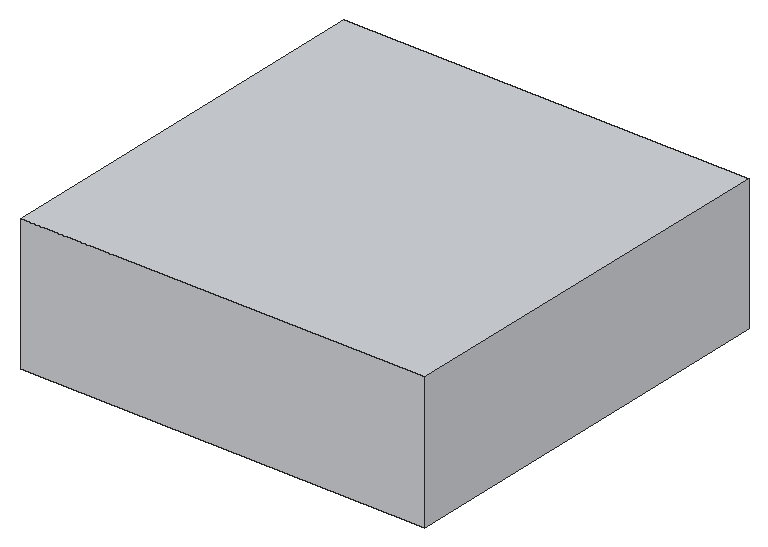
Revit family "Temperature Sensor", category Mechanical Control Devices, host Face, Revit 2025
Family settings
  Host = Face
  Round Connector Dimension = Use Diameter
  Part Type = Normal
  Cut with Voids When Loaded = No
  Maintain Annotation Orientation = Yes
  Shared = No
  Room Calculation Point = No
Parameters (values of type "ATS (Ceiling Mounted)")
  Width = 3"
  Wall Mounted = no
  Rotate [instance] = yes
  Label = "ATS"
  Height = 3"
  Default Elevation = 48"
  Ceiling Mounted = yes
Types (2): name | Wall Mounted | Rotate | Ceiling Mounted
  ATS (Wall Mounted) | yes | no | no
  ATS (Ceiling Mounted) | no | yes | yes
Reference planes (in)
  plane 1 "Center (Front/Back)": y = 0
  plane 2: z = 0
  plane 3 "Center (Left/Right)": x = 0
  plane 4: z = 1
Forms (in)
  Extrusion 1, solid
    sketch origin (0, 0, 0) x (1, 0, 0) y (0, 1, 0)
      loop
        line (-1.5, 1.5) -> (-1.5, -1.5) -> (1.5, -1.5) -> (1.5, 1.5) -> (-1.5, 1.5)
    from 0 to 1
Dimensions and locks (in)
  equal spacing: Extrusion 1 sketch curve, plane 3 "Center (Left/Right)", Extrusion 1 sketch curve
  equal spacing: Extrusion 1 sketch curve, plane 1 "Center (Front/Back)", Extrusion 1 sketch curve
  "Height": Extrusion 1 sketch curve to Extrusion 1 sketch curve
  "Width": Extrusion 1 sketch curve to Extrusion 1 sketch curve
  plane 4 to plane 2 = 1"
  aligned and locked: plane 2 to host face
  aligned and locked: level to host face
  aligned and locked: plane 4 to Extrusion 1
Automatic sketch dimensions
  host sketch curve to host sketch curve = 96"  (x2)
Nested families (in)
  nested 1: "Wall Symbol" at (0, 0, 0), visible <- "Wall Mounted", type "Standard"
  nested 2: "Ceiling Symbol" at (0, 0, 0), visible <- "Ceiling Mounted", type "Standard"
Definition of nested family "Wall Symbol"
  Parameters (values of type "Standard")
    Rotate = yes
    Not Rotate = not(Rotate)  # no
    Label = "ATS"
  Reference planes (in)
    plane 1: y = 0
    plane 2: x = 0
  Lines and regions (in)
    detail lines
      curve 1: circle (0, 0.125, 0) r 0.125 normal (0, 0, 1)
  Text (in)
    label "ATS" at (0.00258, 0.12377, 0), shows "Label", visible <- "Not Rotate"
    label "ATS" at (0.00258, 0.12377, 0), shows "Label", visible <- "Rotate"
Definition of nested family "Ceiling Symbol"
  Parameters (values of type "Standard")
    Label = "ATS"
  Reference planes (in)
    plane 1: y = 0
    plane 2: x = 0
  Lines and regions (in)
    detail lines
      curve 1: circle (0, 0, 0) r 0.125 normal (0, 0, 1)
  Text (in)
    label "ATS" at (0.00258, -0.00123, 0), shows "Label"
